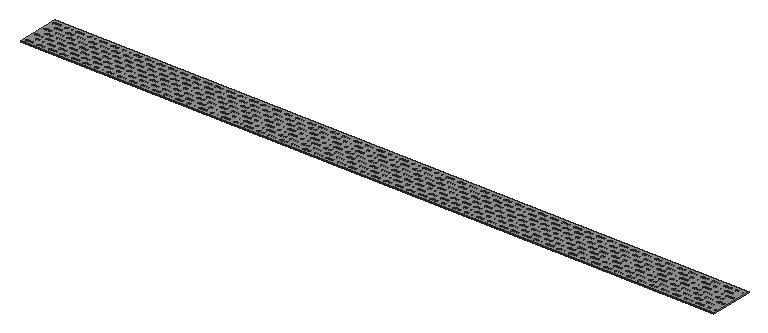
Revit family "Einlegeblech_185_FS_FT_DD_A2", category Generic Models, Revit 2017 (continued)
Forms (mm)
  Extrusion 168, void
    sketch origin (2400, -50, 0) x (1, 0, 0) y (0, 1, 0)
      loop
        arc (37.5, 96) -> (34, 92.5) -> (37.5, 89) r 3.5
        line (37.5, 89) -> (62.5, 89)
        arc (62.5, 89) -> (66, 92.5) -> (62.5, 96) r 3.5
        line (62.5, 96) -> (37.5, 96)
    from 0 to 1.15
  Extrusion 169, void
    sketch origin (2450, -50, 0) x (1, 0, 0) y (0, 1, 0)
      loop
        arc (37.5, 96) -> (34, 92.5) -> (37.5, 89) r 3.5
        line (37.5, 89) -> (62.5, 89)
        arc (62.5, 89) -> (66, 92.5) -> (62.5, 96) r 3.5
        line (62.5, 96) -> (37.5, 96)
    from 0 to 1.15
  Extrusion 170, void
    sketch origin (2500, -50, 0) x (1, 0, 0) y (0, 1, 0)
      loop
        arc (37.5, 96) -> (34, 92.5) -> (37.5, 89) r 3.5
        line (37.5, 89) -> (62.5, 89)
        arc (62.5, 89) -> (66, 92.5) -> (62.5, 96) r 3.5
        line (62.5, 96) -> (37.5, 96)
    from 0 to 1.15
  Extrusion 171, void
    sketch origin (2550, -50, 0) x (1, 0, 0) y (0, 1, 0)
      loop
        arc (37.5, 96) -> (34, 92.5) -> (37.5, 89) r 3.5
        line (37.5, 89) -> (62.5, 89)
        arc (62.5, 89) -> (66, 92.5) -> (62.5, 96) r 3.5
        line (62.5, 96) -> (37.5, 96)
    from 0 to 1.15
  Extrusion 172, void
    sketch origin (2600, -50, 0) x (1, 0, 0) y (0, 1, 0)
      loop
        arc (37.5, 96) -> (34, 92.5) -> (37.5, 89) r 3.5
        line (37.5, 89) -> (62.5, 89)
        arc (62.5, 89) -> (66, 92.5) -> (62.5, 96) r 3.5
        line (62.5, 96) -> (37.5, 96)
    from 0 to 1.15
  Extrusion 173, void
    sketch origin (2650, -50, 0) x (1, 0, 0) y (0, 1, 0)
      loop
        arc (37.5, 96) -> (34, 92.5) -> (37.5, 89) r 3.5
        line (37.5, 89) -> (62.5, 89)
        arc (62.5, 89) -> (66, 92.5) -> (62.5, 96) r 3.5
        line (62.5, 96) -> (37.5, 96)
    from 0 to 1.15
  Extrusion 174, void
    sketch origin (2700, -50, 0) x (1, 0, 0) y (0, 1, 0)
      loop
        arc (37.5, 96) -> (34, 92.5) -> (37.5, 89) r 3.5
        line (37.5, 89) -> (62.5, 89)
        arc (62.5, 89) -> (66, 92.5) -> (62.5, 96) r 3.5
        line (62.5, 96) -> (37.5, 96)
    from 0 to 1.15
  Extrusion 175, void
    sketch origin (2750, -50, 0) x (1, 0, 0) y (0, 1, 0)
      loop
        arc (37.5, 96) -> (34, 92.5) -> (37.5, 89) r 3.5
        line (37.5, 89) -> (62.5, 89)
        arc (62.5, 89) -> (66, 92.5) -> (62.5, 96) r 3.5
        line (62.5, 96) -> (37.5, 96)
    from 0 to 1.15
  Extrusion 176, void
    sketch origin (2800, -50, 0) x (1, 0, 0) y (0, 1, 0)
      loop
        arc (37.5, 96) -> (34, 92.5) -> (37.5, 89) r 3.5
        line (37.5, 89) -> (62.5, 89)
        arc (62.5, 89) -> (66, 92.5) -> (62.5, 96) r 3.5
        line (62.5, 96) -> (37.5, 96)
    from 0 to 1.15
  Extrusion 177, void
    sketch origin (2850, -50, 0) x (1, 0, 0) y (0, 1, 0)
      loop
        arc (37.5, 96) -> (34, 92.5) -> (37.5, 89) r 3.5
        line (37.5, 89) -> (62.5, 89)
        arc (62.5, 89) -> (66, 92.5) -> (62.5, 96) r 3.5
        line (62.5, 96) -> (37.5, 96)
    from 0 to 1.15
  Extrusion 178, void
    sketch origin (2900, -50, 0) x (1, 0, 0) y (0, 1, 0)
      loop
        arc (37.5, 96) -> (34, 92.5) -> (37.5, 89) r 3.5
        line (37.5, 89) -> (62.5, 89)
        arc (62.5, 89) -> (66, 92.5) -> (62.5, 96) r 3.5
        line (62.5, 96) -> (37.5, 96)
    from 0 to 1.15
  Extrusion 179, void
    sketch origin (0, 0, 0) x (1, 0, 0) y (0, 1, 0)
      loop
        arc (12.515, 121.031) -> (9, 117.515) -> (12.515, 114) r 3.515
        line (12.515, 114) -> (37.485, 114)
        arc (37.485, 114) -> (41, 117.515) -> (37.485, 121.031) r 3.515
        line (37.485, 121.031) -> (12.515, 121.031)
    from 0 to 1.15
  Extrusion 180, void
    sketch origin (0, 50, 0) x (1, 0, 0) y (0, 1, 0)
      loop
        arc (12.515, 121.031) -> (9, 117.515) -> (12.515, 114) r 3.515
        line (12.515, 114) -> (37.485, 114)
        arc (37.485, 114) -> (41, 117.515) -> (37.485, 121.031) r 3.515
        line (37.485, 121.031) -> (12.515, 121.031)
    from 0 to 1.15
  Extrusion 181, void
    sketch origin (0, -50, 0) x (1, 0, 0) y (0, 1, 0)
      loop
        arc (12.515, 121.031) -> (9, 117.515) -> (12.515, 114) r 3.515
        line (12.515, 114) -> (37.485, 114)
        arc (37.485, 114) -> (41, 117.515) -> (37.485, 121.031) r 3.515
        line (37.485, 121.031) -> (12.515, 121.031)
    from 0 to 1.15
  Extrusion 182, void
    sketch origin (0, -100, 0) x (1, 0, 0) y (0, 1, 0)
      loop
        arc (12.515, 121.031) -> (9, 117.515) -> (12.515, 114) r 3.515
        line (12.515, 114) -> (37.485, 114)
        arc (37.485, 114) -> (41, 117.515) -> (37.485, 121.031) r 3.515
        line (37.485, 121.031) -> (12.515, 121.031)
    from 0 to 1.15
  Extrusion 183, void, not visible
    sketch origin (0, 0, 0) x (1, 0, 0) y (0, 1, 0)
      loop
        arc (12.515, 121.031) -> (9, 117.515) -> (12.515, 114) r 3.515
        line (12.515, 114) -> (37.485, 114)
        arc (37.485, 114) -> (41, 117.515) -> (37.485, 121.031) r 3.515
        line (37.485, 121.031) -> (12.515, 121.031)
    from 0 to 1.15
  Extrusion 184, void
    sketch origin (50, 0, 0) x (1, 0, 0) y (0, 1, 0)
      loop
        arc (12.515, 121.031) -> (9, 117.515) -> (12.515, 114) r 3.515
        line (12.515, 114) -> (37.485, 114)
        arc (37.485, 114) -> (41, 117.515) -> (37.485, 121.031) r 3.515
        line (37.485, 121.031) -> (12.515, 121.031)
    from 0 to 1.15
  Extrusion 185, void
    sketch origin (50, 50, 0) x (1, 0, 0) y (0, 1, 0)
      loop
        arc (12.515, 121.031) -> (9, 117.515) -> (12.515, 114) r 3.515
        line (12.515, 114) -> (37.485, 114)
        arc (37.485, 114) -> (41, 117.515) -> (37.485, 121.031) r 3.515
        line (37.485, 121.031) -> (12.515, 121.031)
    from 0 to 1.15
  Extrusion 186, void
    sketch origin (50, -50, 0) x (1, 0, 0) y (0, 1, 0)
      loop
        arc (12.515, 121.031) -> (9, 117.515) -> (12.515, 114) r 3.515
        line (12.515, 114) -> (37.485, 114)
        arc (37.485, 114) -> (41, 117.515) -> (37.485, 121.031) r 3.515
        line (37.485, 121.031) -> (12.515, 121.031)
    from 0 to 1.15
  Extrusion 187, void
    sketch origin (50, -100, 0) x (1, 0, 0) y (0, 1, 0)
      loop
        arc (12.515, 121.031) -> (9, 117.515) -> (12.515, 114) r 3.515
        line (12.515, 114) -> (37.485, 114)
        arc (37.485, 114) -> (41, 117.515) -> (37.485, 121.031) r 3.515
        line (37.485, 121.031) -> (12.515, 121.031)
    from 0 to 1.15
  Extrusion 188, void
    sketch origin (100, 0, 0) x (1, 0, 0) y (0, 1, 0)
      loop
        arc (12.515, 121.031) -> (9, 117.515) -> (12.515, 114) r 3.515
        line (12.515, 114) -> (37.485, 114)
        arc (37.485, 114) -> (41, 117.515) -> (37.485, 121.031) r 3.515
        line (37.485, 121.031) -> (12.515, 121.031)
    from 0 to 1.15
  Extrusion 189, void
    sketch origin (100, 50, 0) x (1, 0, 0) y (0, 1, 0)
      loop
        arc (12.515, 121.031) -> (9, 117.515) -> (12.515, 114) r 3.515
        line (12.515, 114) -> (37.485, 114)
        arc (37.485, 114) -> (41, 117.515) -> (37.485, 121.031) r 3.515
        line (37.485, 121.031) -> (12.515, 121.031)
    from 0 to 1.15
  Extrusion 190, void
    sketch origin (100, -50, 0) x (1, 0, 0) y (0, 1, 0)
      loop
        arc (12.515, 121.031) -> (9, 117.515) -> (12.515, 114) r 3.515
        line (12.515, 114) -> (37.485, 114)
        arc (37.485, 114) -> (41, 117.515) -> (37.485, 121.031) r 3.515
        line (37.485, 121.031) -> (12.515, 121.031)
    from 0 to 1.15
  Extrusion 191, void
    sketch origin (100, -100, 0) x (1, 0, 0) y (0, 1, 0)
      loop
        arc (12.515, 121.031) -> (9, 117.515) -> (12.515, 114) r 3.515
        line (12.515, 114) -> (37.485, 114)
        arc (37.485, 114) -> (41, 117.515) -> (37.485, 121.031) r 3.515
        line (37.485, 121.031) -> (12.515, 121.031)
    from 0 to 1.15
  Extrusion 192, void
    sketch origin (150, 0, 0) x (1, 0, 0) y (0, 1, 0)
      loop
        arc (12.515, 121.031) -> (9, 117.515) -> (12.515, 114) r 3.515
        line (12.515, 114) -> (37.485, 114)
        arc (37.485, 114) -> (41, 117.515) -> (37.485, 121.031) r 3.515
        line (37.485, 121.031) -> (12.515, 121.031)
    from 0 to 1.15
  Extrusion 193, void
    sketch origin (150, 50, 0) x (1, 0, 0) y (0, 1, 0)
      loop
        arc (12.515, 121.031) -> (9, 117.515) -> (12.515, 114) r 3.515
        line (12.515, 114) -> (37.485, 114)
        arc (37.485, 114) -> (41, 117.515) -> (37.485, 121.031) r 3.515
        line (37.485, 121.031) -> (12.515, 121.031)
    from 0 to 1.15
  Extrusion 194, void
    sketch origin (150, -50, 0) x (1, 0, 0) y (0, 1, 0)
      loop
        arc (12.515, 121.031) -> (9, 117.515) -> (12.515, 114) r 3.515
        line (12.515, 114) -> (37.485, 114)
        arc (37.485, 114) -> (41, 117.515) -> (37.485, 121.031) r 3.515
        line (37.485, 121.031) -> (12.515, 121.031)
    from 0 to 1.15
  Extrusion 195, void
    sketch origin (150, -100, 0) x (1, 0, 0) y (0, 1, 0)
      loop
        arc (12.515, 121.031) -> (9, 117.515) -> (12.515, 114) r 3.515
        line (12.515, 114) -> (37.485, 114)
        arc (37.485, 114) -> (41, 117.515) -> (37.485, 121.031) r 3.515
        line (37.485, 121.031) -> (12.515, 121.031)
    from 0 to 1.15
  Extrusion 196, void
    sketch origin (200, 0, 0) x (1, 0, 0) y (0, 1, 0)
      loop
        arc (12.515, 121.031) -> (9, 117.515) -> (12.515, 114) r 3.515
        line (12.515, 114) -> (37.485, 114)
        arc (37.485, 114) -> (41, 117.515) -> (37.485, 121.031) r 3.515
        line (37.485, 121.031) -> (12.515, 121.031)
    from 0 to 1.15
  Extrusion 197, void
    sketch origin (200, 50, 0) x (1, 0, 0) y (0, 1, 0)
      loop
        arc (12.515, 121.031) -> (9, 117.515) -> (12.515, 114) r 3.515
        line (12.515, 114) -> (37.485, 114)
        arc (37.485, 114) -> (41, 117.515) -> (37.485, 121.031) r 3.515
        line (37.485, 121.031) -> (12.515, 121.031)
    from 0 to 1.15
  Extrusion 198, void
    sketch origin (200, -50, 0) x (1, 0, 0) y (0, 1, 0)
      loop
        arc (12.515, 121.031) -> (9, 117.515) -> (12.515, 114) r 3.515
        line (12.515, 114) -> (37.485, 114)
        arc (37.485, 114) -> (41, 117.515) -> (37.485, 121.031) r 3.515
        line (37.485, 121.031) -> (12.515, 121.031)
    from 0 to 1.15
  Extrusion 199, void
    sketch origin (200, -100, 0) x (1, 0, 0) y (0, 1, 0)
      loop
        arc (12.515, 121.031) -> (9, 117.515) -> (12.515, 114) r 3.515
        line (12.515, 114) -> (37.485, 114)
        arc (37.485, 114) -> (41, 117.515) -> (37.485, 121.031) r 3.515
        line (37.485, 121.031) -> (12.515, 121.031)
    from 0 to 1.15
  Extrusion 200, void
    sketch origin (250, 0, 0) x (1, 0, 0) y (0, 1, 0)
      loop
        arc (12.515, 121.031) -> (9, 117.515) -> (12.515, 114) r 3.515
        line (12.515, 114) -> (37.485, 114)
        arc (37.485, 114) -> (41, 117.515) -> (37.485, 121.031) r 3.515
        line (37.485, 121.031) -> (12.515, 121.031)
    from 0 to 1.15
  Extrusion 201, void
    sketch origin (250, 50, 0) x (1, 0, 0) y (0, 1, 0)
      loop
        arc (12.515, 121.031) -> (9, 117.515) -> (12.515, 114) r 3.515
        line (12.515, 114) -> (37.485, 114)
        arc (37.485, 114) -> (41, 117.515) -> (37.485, 121.031) r 3.515
        line (37.485, 121.031) -> (12.515, 121.031)
    from 0 to 1.15
  Extrusion 202, void
    sketch origin (250, -50, 0) x (1, 0, 0) y (0, 1, 0)
      loop
        arc (12.515, 121.031) -> (9, 117.515) -> (12.515, 114) r 3.515
        line (12.515, 114) -> (37.485, 114)
        arc (37.485, 114) -> (41, 117.515) -> (37.485, 121.031) r 3.515
        line (37.485, 121.031) -> (12.515, 121.031)
    from 0 to 1.15
  Extrusion 203, void
    sketch origin (250, -100, 0) x (1, 0, 0) y (0, 1, 0)
      loop
        arc (12.515, 121.031) -> (9, 117.515) -> (12.515, 114) r 3.515
        line (12.515, 114) -> (37.485, 114)
        arc (37.485, 114) -> (41, 117.515) -> (37.485, 121.031) r 3.515
        line (37.485, 121.031) -> (12.515, 121.031)
    from 0 to 1.15
  Extrusion 204, void
    sketch origin (300, 0, 0) x (1, 0, 0) y (0, 1, 0)
      loop
        arc (12.515, 121.031) -> (9, 117.515) -> (12.515, 114) r 3.515
        line (12.515, 114) -> (37.485, 114)
        arc (37.485, 114) -> (41, 117.515) -> (37.485, 121.031) r 3.515
        line (37.485, 121.031) -> (12.515, 121.031)
    from 0 to 1.15
  Extrusion 205, void
    sketch origin (300, 50, 0) x (1, 0, 0) y (0, 1, 0)
      loop
        arc (12.515, 121.031) -> (9, 117.515) -> (12.515, 114) r 3.515
        line (12.515, 114) -> (37.485, 114)
        arc (37.485, 114) -> (41, 117.515) -> (37.485, 121.031) r 3.515
        line (37.485, 121.031) -> (12.515, 121.031)
    from 0 to 1.15
  Extrusion 206, void
    sketch origin (300, -50, 0) x (1, 0, 0) y (0, 1, 0)
      loop
        arc (12.515, 121.031) -> (9, 117.515) -> (12.515, 114) r 3.515
        line (12.515, 114) -> (37.485, 114)
        arc (37.485, 114) -> (41, 117.515) -> (37.485, 121.031) r 3.515
        line (37.485, 121.031) -> (12.515, 121.031)
    from 0 to 1.15
  Extrusion 207, void
    sketch origin (300, -100, 0) x (1, 0, 0) y (0, 1, 0)
      loop
        arc (12.515, 121.031) -> (9, 117.515) -> (12.515, 114) r 3.515
        line (12.515, 114) -> (37.485, 114)
        arc (37.485, 114) -> (41, 117.515) -> (37.485, 121.031) r 3.515
        line (37.485, 121.031) -> (12.515, 121.031)
    from 0 to 1.15
  Extrusion 208, void
    sketch origin (350, 0, 0) x (1, 0, 0) y (0, 1, 0)
      loop
        arc (12.515, 121.031) -> (9, 117.515) -> (12.515, 114) r 3.515
        line (12.515, 114) -> (37.485, 114)
        arc (37.485, 114) -> (41, 117.515) -> (37.485, 121.031) r 3.515
        line (37.485, 121.031) -> (12.515, 121.031)
    from 0 to 1.15
  Extrusion 209, void
    sketch origin (350, 50, 0) x (1, 0, 0) y (0, 1, 0)
      loop
        arc (12.515, 121.031) -> (9, 117.515) -> (12.515, 114) r 3.515
        line (12.515, 114) -> (37.485, 114)
        arc (37.485, 114) -> (41, 117.515) -> (37.485, 121.031) r 3.515
        line (37.485, 121.031) -> (12.515, 121.031)
    from 0 to 1.15
  Extrusion 210, void
    sketch origin (350, -50, 0) x (1, 0, 0) y (0, 1, 0)
      loop
        arc (12.515, 121.031) -> (9, 117.515) -> (12.515, 114) r 3.515
        line (12.515, 114) -> (37.485, 114)
        arc (37.485, 114) -> (41, 117.515) -> (37.485, 121.031) r 3.515
        line (37.485, 121.031) -> (12.515, 121.031)
    from 0 to 1.15
  Extrusion 211, void
    sketch origin (350, -100, 0) x (1, 0, 0) y (0, 1, 0)
      loop
        arc (12.515, 121.031) -> (9, 117.515) -> (12.515, 114) r 3.515
        line (12.515, 114) -> (37.485, 114)
        arc (37.485, 114) -> (41, 117.515) -> (37.485, 121.031) r 3.515
        line (37.485, 121.031) -> (12.515, 121.031)
    from 0 to 1.15
  Extrusion 212, void
    sketch origin (400, 0, 0) x (1, 0, 0) y (0, 1, 0)
      loop
        arc (12.515, 121.031) -> (9, 117.515) -> (12.515, 114) r 3.515
        line (12.515, 114) -> (37.485, 114)
        arc (37.485, 114) -> (41, 117.515) -> (37.485, 121.031) r 3.515
        line (37.485, 121.031) -> (12.515, 121.031)
    from 0 to 1.15
  Extrusion 213, void
    sketch origin (400, 50, 0) x (1, 0, 0) y (0, 1, 0)
      loop
        arc (12.515, 121.031) -> (9, 117.515) -> (12.515, 114) r 3.515
        line (12.515, 114) -> (37.485, 114)
        arc (37.485, 114) -> (41, 117.515) -> (37.485, 121.031) r 3.515
        line (37.485, 121.031) -> (12.515, 121.031)
    from 0 to 1.15
  Extrusion 214, void
    sketch origin (400, -50, 0) x (1, 0, 0) y (0, 1, 0)
      loop
        arc (12.515, 121.031) -> (9, 117.515) -> (12.515, 114) r 3.515
        line (12.515, 114) -> (37.485, 114)
        arc (37.485, 114) -> (41, 117.515) -> (37.485, 121.031) r 3.515
        line (37.485, 121.031) -> (12.515, 121.031)
    from 0 to 1.15
  Extrusion 215, void
    sketch origin (400, -100, 0) x (1, 0, 0) y (0, 1, 0)
      loop
        arc (12.515, 121.031) -> (9, 117.515) -> (12.515, 114) r 3.515
        line (12.515, 114) -> (37.485, 114)
        arc (37.485, 114) -> (41, 117.515) -> (37.485, 121.031) r 3.515
        line (37.485, 121.031) -> (12.515, 121.031)
    from 0 to 1.15
  Extrusion 216, void
    sketch origin (450, 0, 0) x (1, 0, 0) y (0, 1, 0)
      loop
        arc (12.515, 121.031) -> (9, 117.515) -> (12.515, 114) r 3.515
        line (12.515, 114) -> (37.485, 114)
        arc (37.485, 114) -> (41, 117.515) -> (37.485, 121.031) r 3.515
        line (37.485, 121.031) -> (12.515, 121.031)
    from 0 to 1.15
  Extrusion 217, void
    sketch origin (450, 50, 0) x (1, 0, 0) y (0, 1, 0)
      loop
        arc (12.515, 121.031) -> (9, 117.515) -> (12.515, 114) r 3.515
        line (12.515, 114) -> (37.485, 114)
        arc (37.485, 114) -> (41, 117.515) -> (37.485, 121.031) r 3.515
        line (37.485, 121.031) -> (12.515, 121.031)
    from 0 to 1.15
  Extrusion 218, void
    sketch origin (450, -50, 0) x (1, 0, 0) y (0, 1, 0)
      loop
        arc (12.515, 121.031) -> (9, 117.515) -> (12.515, 114) r 3.515
        line (12.515, 114) -> (37.485, 114)
        arc (37.485, 114) -> (41, 117.515) -> (37.485, 121.031) r 3.515
        line (37.485, 121.031) -> (12.515, 121.031)
    from 0 to 1.15
  Extrusion 219, void
    sketch origin (450, -100, 0) x (1, 0, 0) y (0, 1, 0)
      loop
        arc (12.515, 121.031) -> (9, 117.515) -> (12.515, 114) r 3.515
        line (12.515, 114) -> (37.485, 114)
        arc (37.485, 114) -> (41, 117.515) -> (37.485, 121.031) r 3.515
        line (37.485, 121.031) -> (12.515, 121.031)
    from 0 to 1.15
  Extrusion 220, void
    sketch origin (500, 0, 0) x (1, 0, 0) y (0, 1, 0)
      loop
        arc (12.515, 121.031) -> (9, 117.515) -> (12.515, 114) r 3.515
        line (12.515, 114) -> (37.485, 114)
        arc (37.485, 114) -> (41, 117.515) -> (37.485, 121.031) r 3.515
        line (37.485, 121.031) -> (12.515, 121.031)
    from 0 to 1.15
  Extrusion 221, void
    sketch origin (500, 50, 0) x (1, 0, 0) y (0, 1, 0)
      loop
        arc (12.515, 121.031) -> (9, 117.515) -> (12.515, 114) r 3.515
        line (12.515, 114) -> (37.485, 114)
        arc (37.485, 114) -> (41, 117.515) -> (37.485, 121.031) r 3.515
        line (37.485, 121.031) -> (12.515, 121.031)
    from 0 to 1.15
  Extrusion 222, void
    sketch origin (500, -50, 0) x (1, 0, 0) y (0, 1, 0)
      loop
        arc (12.515, 121.031) -> (9, 117.515) -> (12.515, 114) r 3.515
        line (12.515, 114) -> (37.485, 114)
        arc (37.485, 114) -> (41, 117.515) -> (37.485, 121.031) r 3.515
        line (37.485, 121.031) -> (12.515, 121.031)
    from 0 to 1.15
  Extrusion 223, void
    sketch origin (500, -100, 0) x (1, 0, 0) y (0, 1, 0)
      loop
        arc (12.515, 121.031) -> (9, 117.515) -> (12.515, 114) r 3.515
        line (12.515, 114) -> (37.485, 114)
        arc (37.485, 114) -> (41, 117.515) -> (37.485, 121.031) r 3.515
        line (37.485, 121.031) -> (12.515, 121.031)
    from 0 to 1.15
  Extrusion 224, void
    sketch origin (550, 0, 0) x (1, 0, 0) y (0, 1, 0)
      loop
        arc (12.515, 121.031) -> (9, 117.515) -> (12.515, 114) r 3.515
        line (12.515, 114) -> (37.485, 114)
        arc (37.485, 114) -> (41, 117.515) -> (37.485, 121.031) r 3.515
        line (37.485, 121.031) -> (12.515, 121.031)
    from 0 to 1.15
  Extrusion 225, void
    sketch origin (550, 50, 0) x (1, 0, 0) y (0, 1, 0)
      loop
        arc (12.515, 121.031) -> (9, 117.515) -> (12.515, 114) r 3.515
        line (12.515, 114) -> (37.485, 114)
        arc (37.485, 114) -> (41, 117.515) -> (37.485, 121.031) r 3.515
        line (37.485, 121.031) -> (12.515, 121.031)
    from 0 to 1.15
  Extrusion 226, void
    sketch origin (550, -50, 0) x (1, 0, 0) y (0, 1, 0)
      loop
        arc (12.515, 121.031) -> (9, 117.515) -> (12.515, 114) r 3.515
        line (12.515, 114) -> (37.485, 114)
        arc (37.485, 114) -> (41, 117.515) -> (37.485, 121.031) r 3.515
        line (37.485, 121.031) -> (12.515, 121.031)
    from 0 to 1.15
  Extrusion 227, void
    sketch origin (550, -100, 0) x (1, 0, 0) y (0, 1, 0)
      loop
        arc (12.515, 121.031) -> (9, 117.515) -> (12.515, 114) r 3.515
        line (12.515, 114) -> (37.485, 114)
        arc (37.485, 114) -> (41, 117.515) -> (37.485, 121.031) r 3.515
        line (37.485, 121.031) -> (12.515, 121.031)
    from 0 to 1.15
  Extrusion 228, void
    sketch origin (600, 0, 0) x (1, 0, 0) y (0, 1, 0)
      loop
        arc (12.515, 121.031) -> (9, 117.515) -> (12.515, 114) r 3.515
        line (12.515, 114) -> (37.485, 114)
        arc (37.485, 114) -> (41, 117.515) -> (37.485, 121.031) r 3.515
        line (37.485, 121.031) -> (12.515, 121.031)
    from 0 to 1.15
  Extrusion 229, void
    sketch origin (600, 50, 0) x (1, 0, 0) y (0, 1, 0)
      loop
        arc (12.515, 121.031) -> (9, 117.515) -> (12.515, 114) r 3.515
        line (12.515, 114) -> (37.485, 114)
        arc (37.485, 114) -> (41, 117.515) -> (37.485, 121.031) r 3.515
        line (37.485, 121.031) -> (12.515, 121.031)
    from 0 to 1.15
  Extrusion 230, void
    sketch origin (600, -50, 0) x (1, 0, 0) y (0, 1, 0)
      loop
        arc (12.515, 121.031) -> (9, 117.515) -> (12.515, 114) r 3.515
        line (12.515, 114) -> (37.485, 114)
        arc (37.485, 114) -> (41, 117.515) -> (37.485, 121.031) r 3.515
        line (37.485, 121.031) -> (12.515, 121.031)
    from 0 to 1.15
  Extrusion 231, void
    sketch origin (600, -100, 0) x (1, 0, 0) y (0, 1, 0)
      loop
        arc (12.515, 121.031) -> (9, 117.515) -> (12.515, 114) r 3.515
        line (12.515, 114) -> (37.485, 114)
        arc (37.485, 114) -> (41, 117.515) -> (37.485, 121.031) r 3.515
        line (37.485, 121.031) -> (12.515, 121.031)
    from 0 to 1.15
  Extrusion 232, void
    sketch origin (650, 0, 0) x (1, 0, 0) y (0, 1, 0)
      loop
        arc (12.515, 121.031) -> (9, 117.515) -> (12.515, 114) r 3.515
        line (12.515, 114) -> (37.485, 114)
        arc (37.485, 114) -> (41, 117.515) -> (37.485, 121.031) r 3.515
        line (37.485, 121.031) -> (12.515, 121.031)
    from 0 to 1.15
  Extrusion 233, void
    sketch origin (650, 50, 0) x (1, 0, 0) y (0, 1, 0)
      loop
        arc (12.515, 121.031) -> (9, 117.515) -> (12.515, 114) r 3.515
        line (12.515, 114) -> (37.485, 114)
        arc (37.485, 114) -> (41, 117.515) -> (37.485, 121.031) r 3.515
        line (37.485, 121.031) -> (12.515, 121.031)
    from 0 to 1.15
  Extrusion 234, void
    sketch origin (650, -50, 0) x (1, 0, 0) y (0, 1, 0)
      loop
        arc (12.515, 121.031) -> (9, 117.515) -> (12.515, 114) r 3.515
        line (12.515, 114) -> (37.485, 114)
        arc (37.485, 114) -> (41, 117.515) -> (37.485, 121.031) r 3.515
        line (37.485, 121.031) -> (12.515, 121.031)
    from 0 to 1.15
  Extrusion 235, void
    sketch origin (650, -100, 0) x (1, 0, 0) y (0, 1, 0)
      loop
        arc (12.515, 121.031) -> (9, 117.515) -> (12.515, 114) r 3.515
        line (12.515, 114) -> (37.485, 114)
        arc (37.485, 114) -> (41, 117.515) -> (37.485, 121.031) r 3.515
        line (37.485, 121.031) -> (12.515, 121.031)
    from 0 to 1.15
  Extrusion 236, void
    sketch origin (700, 0, 0) x (1, 0, 0) y (0, 1, 0)
      loop
        arc (12.515, 121.031) -> (9, 117.515) -> (12.515, 114) r 3.515
        line (12.515, 114) -> (37.485, 114)
        arc (37.485, 114) -> (41, 117.515) -> (37.485, 121.031) r 3.515
        line (37.485, 121.031) -> (12.515, 121.031)
    from 0 to 1.15
  Extrusion 237, void
    sketch origin (700, 50, 0) x (1, 0, 0) y (0, 1, 0)
      loop
        arc (12.515, 121.031) -> (9, 117.515) -> (12.515, 114) r 3.515
        line (12.515, 114) -> (37.485, 114)
        arc (37.485, 114) -> (41, 117.515) -> (37.485, 121.031) r 3.515
        line (37.485, 121.031) -> (12.515, 121.031)
    from 0 to 1.15
  Extrusion 238, void
    sketch origin (700, -50, 0) x (1, 0, 0) y (0, 1, 0)
      loop
        arc (12.515, 121.031) -> (9, 117.515) -> (12.515, 114) r 3.515
        line (12.515, 114) -> (37.485, 114)
        arc (37.485, 114) -> (41, 117.515) -> (37.485, 121.031) r 3.515
        line (37.485, 121.031) -> (12.515, 121.031)
    from 0 to 1.15
  Extrusion 239, void
    sketch origin (700, -100, 0) x (1, 0, 0) y (0, 1, 0)
      loop
        arc (12.515, 121.031) -> (9, 117.515) -> (12.515, 114) r 3.515
        line (12.515, 114) -> (37.485, 114)
        arc (37.485, 114) -> (41, 117.515) -> (37.485, 121.031) r 3.515
        line (37.485, 121.031) -> (12.515, 121.031)
    from 0 to 1.15
  Extrusion 240, void
    sketch origin (750, 0, 0) x (1, 0, 0) y (0, 1, 0)
      loop
        arc (12.515, 121.031) -> (9, 117.515) -> (12.515, 114) r 3.515
        line (12.515, 114) -> (37.485, 114)
        arc (37.485, 114) -> (41, 117.515) -> (37.485, 121.031) r 3.515
        line (37.485, 121.031) -> (12.515, 121.031)
    from 0 to 1.15
  Extrusion 241, void
    sketch origin (750, 50, 0) x (1, 0, 0) y (0, 1, 0)
      loop
        arc (12.515, 121.031) -> (9, 117.515) -> (12.515, 114) r 3.515
        line (12.515, 114) -> (37.485, 114)
        arc (37.485, 114) -> (41, 117.515) -> (37.485, 121.031) r 3.515
        line (37.485, 121.031) -> (12.515, 121.031)
    from 0 to 1.15
  Extrusion 242, void
    sketch origin (750, -50, 0) x (1, 0, 0) y (0, 1, 0)
      loop
        arc (12.515, 121.031) -> (9, 117.515) -> (12.515, 114) r 3.515
        line (12.515, 114) -> (37.485, 114)
        arc (37.485, 114) -> (41, 117.515) -> (37.485, 121.031) r 3.515
        line (37.485, 121.031) -> (12.515, 121.031)
    from 0 to 1.15
  Extrusion 243, void
    sketch origin (750, -100, 0) x (1, 0, 0) y (0, 1, 0)
      loop
        arc (12.515, 121.031) -> (9, 117.515) -> (12.515, 114) r 3.515
        line (12.515, 114) -> (37.485, 114)
        arc (37.485, 114) -> (41, 117.515) -> (37.485, 121.031) r 3.515
        line (37.485, 121.031) -> (12.515, 121.031)
    from 0 to 1.15
  Extrusion 244, void
    sketch origin (800, 0, 0) x (1, 0, 0) y (0, 1, 0)
      loop
        arc (12.515, 121.031) -> (9, 117.515) -> (12.515, 114) r 3.515
        line (12.515, 114) -> (37.485, 114)
        arc (37.485, 114) -> (41, 117.515) -> (37.485, 121.031) r 3.515
        line (37.485, 121.031) -> (12.515, 121.031)
    from 0 to 1.15
  Extrusion 245, void
    sketch origin (800, 50, 0) x (1, 0, 0) y (0, 1, 0)
      loop
        arc (12.515, 121.031) -> (9, 117.515) -> (12.515, 114) r 3.515
        line (12.515, 114) -> (37.485, 114)
        arc (37.485, 114) -> (41, 117.515) -> (37.485, 121.031) r 3.515
        line (37.485, 121.031) -> (12.515, 121.031)
    from 0 to 1.15
  Extrusion 246, void
    sketch origin (800, -50, 0) x (1, 0, 0) y (0, 1, 0)
      loop
        arc (12.515, 121.031) -> (9, 117.515) -> (12.515, 114) r 3.515
        line (12.515, 114) -> (37.485, 114)
        arc (37.485, 114) -> (41, 117.515) -> (37.485, 121.031) r 3.515
        line (37.485, 121.031) -> (12.515, 121.031)
    from 0 to 1.15
  Extrusion 247, void
    sketch origin (800, -100, 0) x (1, 0, 0) y (0, 1, 0)
      loop
        arc (12.515, 121.031) -> (9, 117.515) -> (12.515, 114) r 3.515
        line (12.515, 114) -> (37.485, 114)
        arc (37.485, 114) -> (41, 117.515) -> (37.485, 121.031) r 3.515
        line (37.485, 121.031) -> (12.515, 121.031)
    from 0 to 1.15
  Extrusion 248, void
    sketch origin (850, 0, 0) x (1, 0, 0) y (0, 1, 0)
      loop
        arc (12.515, 121.031) -> (9, 117.515) -> (12.515, 114) r 3.515
        line (12.515, 114) -> (37.485, 114)
        arc (37.485, 114) -> (41, 117.515) -> (37.485, 121.031) r 3.515
        line (37.485, 121.031) -> (12.515, 121.031)
    from 0 to 1.15
  Extrusion 249, void
    sketch origin (850, 50, 0) x (1, 0, 0) y (0, 1, 0)
      loop
        arc (12.515, 121.031) -> (9, 117.515) -> (12.515, 114) r 3.515
        line (12.515, 114) -> (37.485, 114)
        arc (37.485, 114) -> (41, 117.515) -> (37.485, 121.031) r 3.515
        line (37.485, 121.031) -> (12.515, 121.031)
    from 0 to 1.15
  Extrusion 250, void
    sketch origin (850, -50, 0) x (1, 0, 0) y (0, 1, 0)
      loop
        arc (12.515, 121.031) -> (9, 117.515) -> (12.515, 114) r 3.515
        line (12.515, 114) -> (37.485, 114)
        arc (37.485, 114) -> (41, 117.515) -> (37.485, 121.031) r 3.515
        line (37.485, 121.031) -> (12.515, 121.031)
    from 0 to 1.15
  Extrusion 251, void
    sketch origin (850, -100, 0) x (1, 0, 0) y (0, 1, 0)
      loop
        arc (12.515, 121.031) -> (9, 117.515) -> (12.515, 114) r 3.515
        line (12.515, 114) -> (37.485, 114)
        arc (37.485, 114) -> (41, 117.515) -> (37.485, 121.031) r 3.515
        line (37.485, 121.031) -> (12.515, 121.031)
    from 0 to 1.15
  Extrusion 252, void
    sketch origin (900, 0, 0) x (1, 0, 0) y (0, 1, 0)
      loop
        arc (12.515, 121.031) -> (9, 117.515) -> (12.515, 114) r 3.515
        line (12.515, 114) -> (37.485, 114)
        arc (37.485, 114) -> (41, 117.515) -> (37.485, 121.031) r 3.515
        line (37.485, 121.031) -> (12.515, 121.031)
    from 0 to 1.15
  Extrusion 253, void
    sketch origin (900, 50, 0) x (1, 0, 0) y (0, 1, 0)
      loop
        arc (12.515, 121.031) -> (9, 117.515) -> (12.515, 114) r 3.515
        line (12.515, 114) -> (37.485, 114)
        arc (37.485, 114) -> (41, 117.515) -> (37.485, 121.031) r 3.515
        line (37.485, 121.031) -> (12.515, 121.031)
    from 0 to 1.15
  Extrusion 254, void
    sketch origin (900, -50, 0) x (1, 0, 0) y (0, 1, 0)
      loop
        arc (12.515, 121.031) -> (9, 117.515) -> (12.515, 114) r 3.515
        line (12.515, 114) -> (37.485, 114)
        arc (37.485, 114) -> (41, 117.515) -> (37.485, 121.031) r 3.515
        line (37.485, 121.031) -> (12.515, 121.031)
    from 0 to 1.15
  Extrusion 255, void
    sketch origin (900, -100, 0) x (1, 0, 0) y (0, 1, 0)
      loop
        arc (12.515, 121.031) -> (9, 117.515) -> (12.515, 114) r 3.515
        line (12.515, 114) -> (37.485, 114)
        arc (37.485, 114) -> (41, 117.515) -> (37.485, 121.031) r 3.515
        line (37.485, 121.031) -> (12.515, 121.031)
    from 0 to 1.15
  Extrusion 256, void
    sketch origin (950, 0, 0) x (1, 0, 0) y (0, 1, 0)
      loop
        arc (12.515, 121.031) -> (9, 117.515) -> (12.515, 114) r 3.515
        line (12.515, 114) -> (37.485, 114)
        arc (37.485, 114) -> (41, 117.515) -> (37.485, 121.031) r 3.515
        line (37.485, 121.031) -> (12.515, 121.031)
    from 0 to 1.15
  Extrusion 257, void
    sketch origin (950, 50, 0) x (1, 0, 0) y (0, 1, 0)
      loop
        arc (12.515, 121.031) -> (9, 117.515) -> (12.515, 114) r 3.515
        line (12.515, 114) -> (37.485, 114)
        arc (37.485, 114) -> (41, 117.515) -> (37.485, 121.031) r 3.515
        line (37.485, 121.031) -> (12.515, 121.031)
    from 0 to 1.15
  Extrusion 258, void
    sketch origin (950, -50, 0) x (1, 0, 0) y (0, 1, 0)
      loop
        arc (12.515, 121.031) -> (9, 117.515) -> (12.515, 114) r 3.515
        line (12.515, 114) -> (37.485, 114)
        arc (37.485, 114) -> (41, 117.515) -> (37.485, 121.031) r 3.515
        line (37.485, 121.031) -> (12.515, 121.031)
    from 0 to 1.15
  Extrusion 259, void
    sketch origin (950, -100, 0) x (1, 0, 0) y (0, 1, 0)
      loop
        arc (12.515, 121.031) -> (9, 117.515) -> (12.515, 114) r 3.515
        line (12.515, 114) -> (37.485, 114)
        arc (37.485, 114) -> (41, 117.515) -> (37.485, 121.031) r 3.515
        line (37.485, 121.031) -> (12.515, 121.031)
    from 0 to 1.15
  Extrusion 260, void
    sketch origin (1000, 0, 0) x (1, 0, 0) y (0, 1, 0)
      loop
        arc (12.515, 121.031) -> (9, 117.515) -> (12.515, 114) r 3.515
        line (12.515, 114) -> (37.485, 114)
        arc (37.485, 114) -> (41, 117.515) -> (37.485, 121.031) r 3.515
        line (37.485, 121.031) -> (12.515, 121.031)
    from 0 to 1.15
  Extrusion 261, void
    sketch origin (1000, 50, 0) x (1, 0, 0) y (0, 1, 0)
      loop
        arc (12.515, 121.031) -> (9, 117.515) -> (12.515, 114) r 3.515
        line (12.515, 114) -> (37.485, 114)
        arc (37.485, 114) -> (41, 117.515) -> (37.485, 121.031) r 3.515
        line (37.485, 121.031) -> (12.515, 121.031)
    from 0 to 1.15
  Extrusion 262, void
    sketch origin (1000, -50, 0) x (1, 0, 0) y (0, 1, 0)
      loop
        arc (12.515, 121.031) -> (9, 117.515) -> (12.515, 114) r 3.515
        line (12.515, 114) -> (37.485, 114)
        arc (37.485, 114) -> (41, 117.515) -> (37.485, 121.031) r 3.515
        line (37.485, 121.031) -> (12.515, 121.031)
    from 0 to 1.15
  Extrusion 263, void
    sketch origin (1000, -100, 0) x (1, 0, 0) y (0, 1, 0)
      loop
        arc (12.515, 121.031) -> (9, 117.515) -> (12.515, 114) r 3.515
        line (12.515, 114) -> (37.485, 114)
        arc (37.485, 114) -> (41, 117.515) -> (37.485, 121.031) r 3.515
        line (37.485, 121.031) -> (12.515, 121.031)
    from 0 to 1.15
  Extrusion 264, void
    sketch origin (1050, 0, 0) x (1, 0, 0) y (0, 1, 0)
      loop
        arc (12.515, 121.031) -> (9, 117.515) -> (12.515, 114) r 3.515
        line (12.515, 114) -> (37.485, 114)
        arc (37.485, 114) -> (41, 117.515) -> (37.485, 121.031) r 3.515
        line (37.485, 121.031) -> (12.515, 121.031)
    from 0 to 1.15
  Extrusion 265, void
    sketch origin (1050, 50, 0) x (1, 0, 0) y (0, 1, 0)
      loop
        arc (12.515, 121.031) -> (9, 117.515) -> (12.515, 114) r 3.515
        line (12.515, 114) -> (37.485, 114)
        arc (37.485, 114) -> (41, 117.515) -> (37.485, 121.031) r 3.515
        line (37.485, 121.031) -> (12.515, 121.031)
    from 0 to 1.15
  Extrusion 266, void
    sketch origin (1050, -50, 0) x (1, 0, 0) y (0, 1, 0)
      loop
        arc (12.515, 121.031) -> (9, 117.515) -> (12.515, 114) r 3.515
        line (12.515, 114) -> (37.485, 114)
        arc (37.485, 114) -> (41, 117.515) -> (37.485, 121.031) r 3.515
        line (37.485, 121.031) -> (12.515, 121.031)
    from 0 to 1.15
  Extrusion 267, void
    sketch origin (1050, -100, 0) x (1, 0, 0) y (0, 1, 0)
      loop
        arc (12.515, 121.031) -> (9, 117.515) -> (12.515, 114) r 3.515
        line (12.515, 114) -> (37.485, 114)
        arc (37.485, 114) -> (41, 117.515) -> (37.485, 121.031) r 3.515
        line (37.485, 121.031) -> (12.515, 121.031)
    from 0 to 1.15
  Extrusion 268, void
    sketch origin (1100, 0, 0) x (1, 0, 0) y (0, 1, 0)
      loop
        arc (12.515, 121.031) -> (9, 117.515) -> (12.515, 114) r 3.515
        line (12.515, 114) -> (37.485, 114)
        arc (37.485, 114) -> (41, 117.515) -> (37.485, 121.031) r 3.515
        line (37.485, 121.031) -> (12.515, 121.031)
    from 0 to 1.15
  Extrusion 269, void
    sketch origin (1100, 50, 0) x (1, 0, 0) y (0, 1, 0)
      loop
        arc (12.515, 121.031) -> (9, 117.515) -> (12.515, 114) r 3.515
        line (12.515, 114) -> (37.485, 114)
        arc (37.485, 114) -> (41, 117.515) -> (37.485, 121.031) r 3.515
        line (37.485, 121.031) -> (12.515, 121.031)
    from 0 to 1.15
  Extrusion 270, void
    sketch origin (1100, -50, 0) x (1, 0, 0) y (0, 1, 0)
      loop
        arc (12.515, 121.031) -> (9, 117.515) -> (12.515, 114) r 3.515
        line (12.515, 114) -> (37.485, 114)
        arc (37.485, 114) -> (41, 117.515) -> (37.485, 121.031) r 3.515
        line (37.485, 121.031) -> (12.515, 121.031)
    from 0 to 1.15
  Extrusion 271, void
    sketch origin (1100, -100, 0) x (1, 0, 0) y (0, 1, 0)
      loop
        arc (12.515, 121.031) -> (9, 117.515) -> (12.515, 114) r 3.515
        line (12.515, 114) -> (37.485, 114)
        arc (37.485, 114) -> (41, 117.515) -> (37.485, 121.031) r 3.515
        line (37.485, 121.031) -> (12.515, 121.031)
    from 0 to 1.15
  Extrusion 272, void
    sketch origin (1150, 0, 0) x (1, 0, 0) y (0, 1, 0)
      loop
        arc (12.515, 121.031) -> (9, 117.515) -> (12.515, 114) r 3.515
        line (12.515, 114) -> (37.485, 114)
        arc (37.485, 114) -> (41, 117.515) -> (37.485, 121.031) r 3.515
        line (37.485, 121.031) -> (12.515, 121.031)
    from 0 to 1.15
  Extrusion 273, void
    sketch origin (1150, 50, 0) x (1, 0, 0) y (0, 1, 0)
      loop
        arc (12.515, 121.031) -> (9, 117.515) -> (12.515, 114) r 3.515
        line (12.515, 114) -> (37.485, 114)
        arc (37.485, 114) -> (41, 117.515) -> (37.485, 121.031) r 3.515
        line (37.485, 121.031) -> (12.515, 121.031)
    from 0 to 1.15
  Extrusion 274, void
    sketch origin (1150, -50, 0) x (1, 0, 0) y (0, 1, 0)
      loop
        arc (12.515, 121.031) -> (9, 117.515) -> (12.515, 114) r 3.515
        line (12.515, 114) -> (37.485, 114)
        arc (37.485, 114) -> (41, 117.515) -> (37.485, 121.031) r 3.515
        line (37.485, 121.031) -> (12.515, 121.031)
    from 0 to 1.15
  Extrusion 275, void
    sketch origin (1150, -100, 0) x (1, 0, 0) y (0, 1, 0)
      loop
        arc (12.515, 121.031) -> (9, 117.515) -> (12.515, 114) r 3.515
        line (12.515, 114) -> (37.485, 114)
        arc (37.485, 114) -> (41, 117.515) -> (37.485, 121.031) r 3.515
        line (37.485, 121.031) -> (12.515, 121.031)
    from 0 to 1.15
  Extrusion 276, void
    sketch origin (1200, 0, 0) x (1, 0, 0) y (0, 1, 0)
      loop
        arc (12.515, 121.031) -> (9, 117.515) -> (12.515, 114) r 3.515
        line (12.515, 114) -> (37.485, 114)
        arc (37.485, 114) -> (41, 117.515) -> (37.485, 121.031) r 3.515
        line (37.485, 121.031) -> (12.515, 121.031)
    from 0 to 1.15
  Extrusion 277, void
    sketch origin (1200, 50, 0) x (1, 0, 0) y (0, 1, 0)
      loop
        arc (12.515, 121.031) -> (9, 117.515) -> (12.515, 114) r 3.515
        line (12.515, 114) -> (37.485, 114)
        arc (37.485, 114) -> (41, 117.515) -> (37.485, 121.031) r 3.515
        line (37.485, 121.031) -> (12.515, 121.031)
    from 0 to 1.15
  Extrusion 278, void
    sketch origin (1200, -50, 0) x (1, 0, 0) y (0, 1, 0)
      loop
        arc (12.515, 121.031) -> (9, 117.515) -> (12.515, 114) r 3.515
        line (12.515, 114) -> (37.485, 114)
        arc (37.485, 114) -> (41, 117.515) -> (37.485, 121.031) r 3.515
        line (37.485, 121.031) -> (12.515, 121.031)
    from 0 to 1.15
  Extrusion 279, void
    sketch origin (1200, -100, 0) x (1, 0, 0) y (0, 1, 0)
      loop
        arc (12.515, 121.031) -> (9, 117.515) -> (12.515, 114) r 3.515
        line (12.515, 114) -> (37.485, 114)
        arc (37.485, 114) -> (41, 117.515) -> (37.485, 121.031) r 3.515
        line (37.485, 121.031) -> (12.515, 121.031)
    from 0 to 1.15
  Extrusion 280, void
    sketch origin (1250, 0, 0) x (1, 0, 0) y (0, 1, 0)
      loop
        arc (12.515, 121.031) -> (9, 117.515) -> (12.515, 114) r 3.515
        line (12.515, 114) -> (37.485, 114)
        arc (37.485, 114) -> (41, 117.515) -> (37.485, 121.031) r 3.515
        line (37.485, 121.031) -> (12.515, 121.031)
    from 0 to 1.15
  Extrusion 281, void
    sketch origin (1250, 50, 0) x (1, 0, 0) y (0, 1, 0)
      loop
        arc (12.515, 121.031) -> (9, 117.515) -> (12.515, 114) r 3.515
        line (12.515, 114) -> (37.485, 114)
        arc (37.485, 114) -> (41, 117.515) -> (37.485, 121.031) r 3.515
        line (37.485, 121.031) -> (12.515, 121.031)
    from 0 to 1.15
  Extrusion 282, void
    sketch origin (1250, -50, 0) x (1, 0, 0) y (0, 1, 0)
      loop
        arc (12.515, 121.031) -> (9, 117.515) -> (12.515, 114) r 3.515
        line (12.515, 114) -> (37.485, 114)
        arc (37.485, 114) -> (41, 117.515) -> (37.485, 121.031) r 3.515
        line (37.485, 121.031) -> (12.515, 121.031)
    from 0 to 1.15
  Extrusion 283, void
    sketch origin (1250, -100, 0) x (1, 0, 0) y (0, 1, 0)
      loop
        arc (12.515, 121.031) -> (9, 117.515) -> (12.515, 114) r 3.515
        line (12.515, 114) -> (37.485, 114)
        arc (37.485, 114) -> (41, 117.515) -> (37.485, 121.031) r 3.515
        line (37.485, 121.031) -> (12.515, 121.031)
    from 0 to 1.15
  Extrusion 284, void
    sketch origin (1300, 0, 0) x (1, 0, 0) y (0, 1, 0)
      loop
        arc (12.515, 121.031) -> (9, 117.515) -> (12.515, 114) r 3.515
        line (12.515, 114) -> (37.485, 114)
        arc (37.485, 114) -> (41, 117.515) -> (37.485, 121.031) r 3.515
        line (37.485, 121.031) -> (12.515, 121.031)
    from 0 to 1.15
  Extrusion 285, void
    sketch origin (1300, 50, 0) x (1, 0, 0) y (0, 1, 0)
      loop
        arc (12.515, 121.031) -> (9, 117.515) -> (12.515, 114) r 3.515
        line (12.515, 114) -> (37.485, 114)
        arc (37.485, 114) -> (41, 117.515) -> (37.485, 121.031) r 3.515
        line (37.485, 121.031) -> (12.515, 121.031)
    from 0 to 1.15
  Extrusion 286, void
    sketch origin (1300, -50, 0) x (1, 0, 0) y (0, 1, 0)
      loop
        arc (12.515, 121.031) -> (9, 117.515) -> (12.515, 114) r 3.515
        line (12.515, 114) -> (37.485, 114)
        arc (37.485, 114) -> (41, 117.515) -> (37.485, 121.031) r 3.515
        line (37.485, 121.031) -> (12.515, 121.031)
    from 0 to 1.15
  Extrusion 287, void
    sketch origin (1300, -100, 0) x (1, 0, 0) y (0, 1, 0)
      loop
        arc (12.515, 121.031) -> (9, 117.515) -> (12.515, 114) r 3.515
        line (12.515, 114) -> (37.485, 114)
        arc (37.485, 114) -> (41, 117.515) -> (37.485, 121.031) r 3.515
        line (37.485, 121.031) -> (12.515, 121.031)
    from 0 to 1.15
  Extrusion 288, void
    sketch origin (1350, 0, 0) x (1, 0, 0) y (0, 1, 0)
      loop
        arc (12.515, 121.031) -> (9, 117.515) -> (12.515, 114) r 3.515
        line (12.515, 114) -> (37.485, 114)
        arc (37.485, 114) -> (41, 117.515) -> (37.485, 121.031) r 3.515
        line (37.485, 121.031) -> (12.515, 121.031)
    from 0 to 1.15
  Extrusion 289, void
    sketch origin (1350, 50, 0) x (1, 0, 0) y (0, 1, 0)
      loop
        arc (12.515, 121.031) -> (9, 117.515) -> (12.515, 114) r 3.515
        line (12.515, 114) -> (37.485, 114)
        arc (37.485, 114) -> (41, 117.515) -> (37.485, 121.031) r 3.515
        line (37.485, 121.031) -> (12.515, 121.031)
    from 0 to 1.15
  Extrusion 290, void
    sketch origin (1350, -50, 0) x (1, 0, 0) y (0, 1, 0)
      loop
        arc (12.515, 121.031) -> (9, 117.515) -> (12.515, 114) r 3.515
        line (12.515, 114) -> (37.485, 114)
        arc (37.485, 114) -> (41, 117.515) -> (37.485, 121.031) r 3.515
        line (37.485, 121.031) -> (12.515, 121.031)
    from 0 to 1.15
  Extrusion 291, void
    sketch origin (1350, -100, 0) x (1, 0, 0) y (0, 1, 0)
      loop
        arc (12.515, 121.031) -> (9, 117.515) -> (12.515, 114) r 3.515
        line (12.515, 114) -> (37.485, 114)
        arc (37.485, 114) -> (41, 117.515) -> (37.485, 121.031) r 3.515
        line (37.485, 121.031) -> (12.515, 121.031)
    from 0 to 1.15
  Extrusion 292, void
    sketch origin (1400, 0, 0) x (1, 0, 0) y (0, 1, 0)
      loop
        arc (12.515, 121.031) -> (9, 117.515) -> (12.515, 114) r 3.515
        line (12.515, 114) -> (37.485, 114)
        arc (37.485, 114) -> (41, 117.515) -> (37.485, 121.031) r 3.515
        line (37.485, 121.031) -> (12.515, 121.031)
    from 0 to 1.15
  Extrusion 293, void
    sketch origin (1400, 50, 0) x (1, 0, 0) y (0, 1, 0)
      loop
        arc (12.515, 121.031) -> (9, 117.515) -> (12.515, 114) r 3.515
        line (12.515, 114) -> (37.485, 114)
        arc (37.485, 114) -> (41, 117.515) -> (37.485, 121.031) r 3.515
        line (37.485, 121.031) -> (12.515, 121.031)
    from 0 to 1.15
  Extrusion 294, void
    sketch origin (1400, -50, 0) x (1, 0, 0) y (0, 1, 0)
      loop
        arc (12.515, 121.031) -> (9, 117.515) -> (12.515, 114) r 3.515
        line (12.515, 114) -> (37.485, 114)
        arc (37.485, 114) -> (41, 117.515) -> (37.485, 121.031) r 3.515
        line (37.485, 121.031) -> (12.515, 121.031)
    from 0 to 1.15
  Extrusion 295, void
    sketch origin (1400, -100, 0) x (1, 0, 0) y (0, 1, 0)
      loop
        arc (12.515, 121.031) -> (9, 117.515) -> (12.515, 114) r 3.515
        line (12.515, 114) -> (37.485, 114)
        arc (37.485, 114) -> (41, 117.515) -> (37.485, 121.031) r 3.515
        line (37.485, 121.031) -> (12.515, 121.031)
    from 0 to 1.15
  Extrusion 296, void
    sketch origin (1450, 0, 0) x (1, 0, 0) y (0, 1, 0)
      loop
        arc (12.515, 121.031) -> (9, 117.515) -> (12.515, 114) r 3.515
        line (12.515, 114) -> (37.485, 114)
        arc (37.485, 114) -> (41, 117.515) -> (37.485, 121.031) r 3.515
        line (37.485, 121.031) -> (12.515, 121.031)
    from 0 to 1.15
  Extrusion 297, void
    sketch origin (1450, 50, 0) x (1, 0, 0) y (0, 1, 0)
      loop
        arc (12.515, 121.031) -> (9, 117.515) -> (12.515, 114) r 3.515
        line (12.515, 114) -> (37.485, 114)
        arc (37.485, 114) -> (41, 117.515) -> (37.485, 121.031) r 3.515
        line (37.485, 121.031) -> (12.515, 121.031)
    from 0 to 1.15
  Extrusion 298, void
    sketch origin (1450, -50, 0) x (1, 0, 0) y (0, 1, 0)
      loop
        arc (12.515, 121.031) -> (9, 117.515) -> (12.515, 114) r 3.515
        line (12.515, 114) -> (37.485, 114)
        arc (37.485, 114) -> (41, 117.515) -> (37.485, 121.031) r 3.515
        line (37.485, 121.031) -> (12.515, 121.031)
    from 0 to 1.15
  Extrusion 299, void
    sketch origin (1450, -100, 0) x (1, 0, 0) y (0, 1, 0)
      loop
        arc (12.515, 121.031) -> (9, 117.515) -> (12.515, 114) r 3.515
        line (12.515, 114) -> (37.485, 114)
        arc (37.485, 114) -> (41, 117.515) -> (37.485, 121.031) r 3.515
        line (37.485, 121.031) -> (12.515, 121.031)
    from 0 to 1.15
  Extrusion 300, void
    sketch origin (1500, 0, 0) x (1, 0, 0) y (0, 1, 0)
      loop
        arc (12.515, 121.031) -> (9, 117.515) -> (12.515, 114) r 3.515
        line (12.515, 114) -> (37.485, 114)
        arc (37.485, 114) -> (41, 117.515) -> (37.485, 121.031) r 3.515
        line (37.485, 121.031) -> (12.515, 121.031)
    from 0 to 1.15
  Extrusion 301, void
    sketch origin (1500, 50, 0) x (1, 0, 0) y (0, 1, 0)
      loop
        arc (12.515, 121.031) -> (9, 117.515) -> (12.515, 114) r 3.515
        line (12.515, 114) -> (37.485, 114)
        arc (37.485, 114) -> (41, 117.515) -> (37.485, 121.031) r 3.515
        line (37.485, 121.031) -> (12.515, 121.031)
    from 0 to 1.15
  Extrusion 302, void
    sketch origin (1500, -50, 0) x (1, 0, 0) y (0, 1, 0)
      loop
        arc (12.515, 121.031) -> (9, 117.515) -> (12.515, 114) r 3.515
        line (12.515, 114) -> (37.485, 114)
        arc (37.485, 114) -> (41, 117.515) -> (37.485, 121.031) r 3.515
        line (37.485, 121.031) -> (12.515, 121.031)
    from 0 to 1.15
  Extrusion 303, void
    sketch origin (1500, -100, 0) x (1, 0, 0) y (0, 1, 0)
      loop
        arc (12.515, 121.031) -> (9, 117.515) -> (12.515, 114) r 3.515
        line (12.515, 114) -> (37.485, 114)
        arc (37.485, 114) -> (41, 117.515) -> (37.485, 121.031) r 3.515
        line (37.485, 121.031) -> (12.515, 121.031)
    from 0 to 1.15
  Extrusion 304, void
    sketch origin (1550, 0, 0) x (1, 0, 0) y (0, 1, 0)
      loop
        arc (12.515, 121.031) -> (9, 117.515) -> (12.515, 114) r 3.515
        line (12.515, 114) -> (37.485, 114)
        arc (37.485, 114) -> (41, 117.515) -> (37.485, 121.031) r 3.515
        line (37.485, 121.031) -> (12.515, 121.031)
    from 0 to 1.15
  Extrusion 305, void
    sketch origin (1550, 50, 0) x (1, 0, 0) y (0, 1, 0)
      loop
        arc (12.515, 121.031) -> (9, 117.515) -> (12.515, 114) r 3.515
        line (12.515, 114) -> (37.485, 114)
        arc (37.485, 114) -> (41, 117.515) -> (37.485, 121.031) r 3.515
        line (37.485, 121.031) -> (12.515, 121.031)
    from 0 to 1.15
  Extrusion 306, void
    sketch origin (1550, -50, 0) x (1, 0, 0) y (0, 1, 0)
      loop
        arc (12.515, 121.031) -> (9, 117.515) -> (12.515, 114) r 3.515
        line (12.515, 114) -> (37.485, 114)
        arc (37.485, 114) -> (41, 117.515) -> (37.485, 121.031) r 3.515
        line (37.485, 121.031) -> (12.515, 121.031)
    from 0 to 1.15
  Extrusion 307, void
    sketch origin (1550, -100, 0) x (1, 0, 0) y (0, 1, 0)
      loop
        arc (12.515, 121.031) -> (9, 117.515) -> (12.515, 114) r 3.515
        line (12.515, 114) -> (37.485, 114)
        arc (37.485, 114) -> (41, 117.515) -> (37.485, 121.031) r 3.515
        line (37.485, 121.031) -> (12.515, 121.031)
    from 0 to 1.15
  Extrusion 308, void
    sketch origin (1600, 0, 0) x (1, 0, 0) y (0, 1, 0)
      loop
        arc (12.515, 121.031) -> (9, 117.515) -> (12.515, 114) r 3.515
        line (12.515, 114) -> (37.485, 114)
        arc (37.485, 114) -> (41, 117.515) -> (37.485, 121.031) r 3.515
        line (37.485, 121.031) -> (12.515, 121.031)
    from 0 to 1.15
  Extrusion 309, void
    sketch origin (1600, 50, 0) x (1, 0, 0) y (0, 1, 0)
      loop
        arc (12.515, 121.031) -> (9, 117.515) -> (12.515, 114) r 3.515
        line (12.515, 114) -> (37.485, 114)
        arc (37.485, 114) -> (41, 117.515) -> (37.485, 121.031) r 3.515
        line (37.485, 121.031) -> (12.515, 121.031)
    from 0 to 1.15
  Extrusion 310, void
    sketch origin (1600, -50, 0) x (1, 0, 0) y (0, 1, 0)
      loop
        arc (12.515, 121.031) -> (9, 117.515) -> (12.515, 114) r 3.515
        line (12.515, 114) -> (37.485, 114)
        arc (37.485, 114) -> (41, 117.515) -> (37.485, 121.031) r 3.515
        line (37.485, 121.031) -> (12.515, 121.031)
    from 0 to 1.15
  Extrusion 311, void
    sketch origin (1600, -100, 0) x (1, 0, 0) y (0, 1, 0)
      loop
        arc (12.515, 121.031) -> (9, 117.515) -> (12.515, 114) r 3.515
        line (12.515, 114) -> (37.485, 114)
        arc (37.485, 114) -> (41, 117.515) -> (37.485, 121.031) r 3.515
        line (37.485, 121.031) -> (12.515, 121.031)
    from 0 to 1.15
  Extrusion 312, void
    sketch origin (1650, 0, 0) x (1, 0, 0) y (0, 1, 0)
      loop
        arc (12.515, 121.031) -> (9, 117.515) -> (12.515, 114) r 3.515
        line (12.515, 114) -> (37.485, 114)
        arc (37.485, 114) -> (41, 117.515) -> (37.485, 121.031) r 3.515
        line (37.485, 121.031) -> (12.515, 121.031)
    from 0 to 1.15
  Extrusion 313, void
    sketch origin (1650, 50, 0) x (1, 0, 0) y (0, 1, 0)
      loop
        arc (12.515, 121.031) -> (9, 117.515) -> (12.515, 114) r 3.515
        line (12.515, 114) -> (37.485, 114)
        arc (37.485, 114) -> (41, 117.515) -> (37.485, 121.031) r 3.515
        line (37.485, 121.031) -> (12.515, 121.031)
    from 0 to 1.15
  Extrusion 314, void
    sketch origin (1650, -50, 0) x (1, 0, 0) y (0, 1, 0)
      loop
        arc (12.515, 121.031) -> (9, 117.515) -> (12.515, 114) r 3.515
        line (12.515, 114) -> (37.485, 114)
        arc (37.485, 114) -> (41, 117.515) -> (37.485, 121.031) r 3.515
        line (37.485, 121.031) -> (12.515, 121.031)
    from 0 to 1.15
  Extrusion 315, void
    sketch origin (1650, -100, 0) x (1, 0, 0) y (0, 1, 0)
      loop
        arc (12.515, 121.031) -> (9, 117.515) -> (12.515, 114) r 3.515
        line (12.515, 114) -> (37.485, 114)
        arc (37.485, 114) -> (41, 117.515) -> (37.485, 121.031) r 3.515
        line (37.485, 121.031) -> (12.515, 121.031)
    from 0 to 1.15
  Extrusion 316, void
    sketch origin (1700, 0, 0) x (1, 0, 0) y (0, 1, 0)
      loop
        arc (12.515, 121.031) -> (9, 117.515) -> (12.515, 114) r 3.515
        line (12.515, 114) -> (37.485, 114)
        arc (37.485, 114) -> (41, 117.515) -> (37.485, 121.031) r 3.515
        line (37.485, 121.031) -> (12.515, 121.031)
    from 0 to 1.15
  Extrusion 317, void
    sketch origin (1700, 50, 0) x (1, 0, 0) y (0, 1, 0)
      loop
        arc (12.515, 121.031) -> (9, 117.515) -> (12.515, 114) r 3.515
        line (12.515, 114) -> (37.485, 114)
        arc (37.485, 114) -> (41, 117.515) -> (37.485, 121.031) r 3.515
        line (37.485, 121.031) -> (12.515, 121.031)
    from 0 to 1.15
  Extrusion 318, void
    sketch origin (1700, -50, 0) x (1, 0, 0) y (0, 1, 0)
      loop
        arc (12.515, 121.031) -> (9, 117.515) -> (12.515, 114) r 3.515
        line (12.515, 114) -> (37.485, 114)
        arc (37.485, 114) -> (41, 117.515) -> (37.485, 121.031) r 3.515
        line (37.485, 121.031) -> (12.515, 121.031)
    from 0 to 1.15
  Extrusion 319, void
    sketch origin (1700, -100, 0) x (1, 0, 0) y (0, 1, 0)
      loop
        arc (12.515, 121.031) -> (9, 117.515) -> (12.515, 114) r 3.515
        line (12.515, 114) -> (37.485, 114)
        arc (37.485, 114) -> (41, 117.515) -> (37.485, 121.031) r 3.515
        line (37.485, 121.031) -> (12.515, 121.031)
    from 0 to 1.15
  Extrusion 320, void
    sketch origin (1750, 0, 0) x (1, 0, 0) y (0, 1, 0)
      loop
        arc (12.515, 121.031) -> (9, 117.515) -> (12.515, 114) r 3.515
        line (12.515, 114) -> (37.485, 114)
        arc (37.485, 114) -> (41, 117.515) -> (37.485, 121.031) r 3.515
        line (37.485, 121.031) -> (12.515, 121.031)
    from 0 to 1.15
  Extrusion 321, void
    sketch origin (1750, 50, 0) x (1, 0, 0) y (0, 1, 0)
      loop
        arc (12.515, 121.031) -> (9, 117.515) -> (12.515, 114) r 3.515
        line (12.515, 114) -> (37.485, 114)
        arc (37.485, 114) -> (41, 117.515) -> (37.485, 121.031) r 3.515
        line (37.485, 121.031) -> (12.515, 121.031)
    from 0 to 1.15
  Extrusion 322, void
    sketch origin (1750, -50, 0) x (1, 0, 0) y (0, 1, 0)
      loop
        arc (12.515, 121.031) -> (9, 117.515) -> (12.515, 114) r 3.515
        line (12.515, 114) -> (37.485, 114)
        arc (37.485, 114) -> (41, 117.515) -> (37.485, 121.031) r 3.515
        line (37.485, 121.031) -> (12.515, 121.031)
    from 0 to 1.15
  Extrusion 323, void
    sketch origin (1750, -100, 0) x (1, 0, 0) y (0, 1, 0)
      loop
        arc (12.515, 121.031) -> (9, 117.515) -> (12.515, 114) r 3.515
        line (12.515, 114) -> (37.485, 114)
        arc (37.485, 114) -> (41, 117.515) -> (37.485, 121.031) r 3.515
        line (37.485, 121.031) -> (12.515, 121.031)
    from 0 to 1.15
  Extrusion 324, void
    sketch origin (1800, 0, 0) x (1, 0, 0) y (0, 1, 0)
      loop
        arc (12.515, 121.031) -> (9, 117.515) -> (12.515, 114) r 3.515
        line (12.515, 114) -> (37.485, 114)
        arc (37.485, 114) -> (41, 117.515) -> (37.485, 121.031) r 3.515
        line (37.485, 121.031) -> (12.515, 121.031)
    from 0 to 1.15
  Extrusion 325, void
    sketch origin (1800, 50, 0) x (1, 0, 0) y (0, 1, 0)
      loop
        arc (12.515, 121.031) -> (9, 117.515) -> (12.515, 114) r 3.515
        line (12.515, 114) -> (37.485, 114)
        arc (37.485, 114) -> (41, 117.515) -> (37.485, 121.031) r 3.515
        line (37.485, 121.031) -> (12.515, 121.031)
    from 0 to 1.15
  Extrusion 326, void
    sketch origin (1800, -50, 0) x (1, 0, 0) y (0, 1, 0)
      loop
        arc (12.515, 121.031) -> (9, 117.515) -> (12.515, 114) r 3.515
        line (12.515, 114) -> (37.485, 114)
        arc (37.485, 114) -> (41, 117.515) -> (37.485, 121.031) r 3.515
        line (37.485, 121.031) -> (12.515, 121.031)
    from 0 to 1.15
  Extrusion 327, void
    sketch origin (1800, -100, 0) x (1, 0, 0) y (0, 1, 0)
      loop
        arc (12.515, 121.031) -> (9, 117.515) -> (12.515, 114) r 3.515
        line (12.515, 114) -> (37.485, 114)
        arc (37.485, 114) -> (41, 117.515) -> (37.485, 121.031) r 3.515
        line (37.485, 121.031) -> (12.515, 121.031)
    from 0 to 1.15
  Extrusion 328, void
    sketch origin (1850, 0, 0) x (1, 0, 0) y (0, 1, 0)
      loop
        arc (12.515, 121.031) -> (9, 117.515) -> (12.515, 114) r 3.515
        line (12.515, 114) -> (37.485, 114)
        arc (37.485, 114) -> (41, 117.515) -> (37.485, 121.031) r 3.515
        line (37.485, 121.031) -> (12.515, 121.031)
    from 0 to 1.15
  Extrusion 329, void
    sketch origin (1850, 50, 0) x (1, 0, 0) y (0, 1, 0)
      loop
        arc (12.515, 121.031) -> (9, 117.515) -> (12.515, 114) r 3.515
        line (12.515, 114) -> (37.485, 114)
        arc (37.485, 114) -> (41, 117.515) -> (37.485, 121.031) r 3.515
        line (37.485, 121.031) -> (12.515, 121.031)
    from 0 to 1.15
  Extrusion 330, void
    sketch origin (1850, -50, 0) x (1, 0, 0) y (0, 1, 0)
      loop
        arc (12.515, 121.031) -> (9, 117.515) -> (12.515, 114) r 3.515
        line (12.515, 114) -> (37.485, 114)
        arc (37.485, 114) -> (41, 117.515) -> (37.485, 121.031) r 3.515
